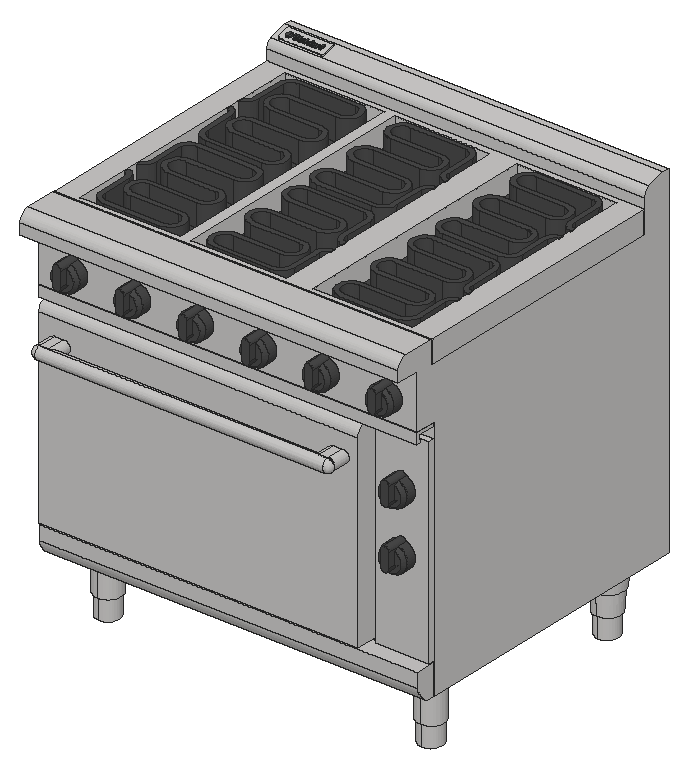
Revit family "QF_MOFFAT WALDORF_RNL8610EC", category Specialty Equipment, Revit 2012
Parameters
  Width = 900 mm
  Weight in Pounds = 198
  Watts = 21000 W
  Volts = 415 V
  URL Cutsheet = "www.moffat.com"
  URL = "www.moffat.com"
  Type Mark [instance] = ""
  Status [instance] = ""
  Specification by User [instance] = ""
  Specification by Manufacturer = ""
  Show Logo [instance] = yes
  Show Clearance [instance] = yes
  Serial Number = ""
  Seismic Rating = ""
  SMACNA No = ""
  Revision Code [instance] = ""
  Plumbing Remarks = ""
  Plumbing Connection Type [instance] = ""
  Phase = 3
  Omniclass Number and Title = ""
  Number of Poles [instance] = 1
  NAFEM Spec ID Number = ""
  Model = "RNL8610EC"
  Min Ckt Ampacity = 0 A
  Max Overcurrent Protection = 0 A
  Masterspec = ""
  Manufacturer = "MOFFAT WALDORF"
  Item Number [instance] = ""
  Installed By [instance] = ""
  Identify Quantity as Lot [instance] = yes
  Height = 970 mm
  HP = ""
  Furnished By [instance] = ""
  Foodservice Equipment Identifier [instance] = yes
  FL Amps = 29.3 A
  Electrical Remarks [instance] = ""
  Electric Connection Type [instance] = ""
  Elec Conn RI Height [instance] = 0 mm
  Elec Conn Connection Height [instance] = 0 mm
  Description = "RANGE LOW SPLASHBACK ELECTRIC WITH CONVECTION OVEN"
  Depth = 805 mm
  Cycle = 50 Hz
  Conn Plug = ""
  Conn Conduit = yes
  Cold Water Temperature Recommended = -459.67 °F
  Cold Water Size = 1/2"
  Cold Water RI Height [instance] = 0 mm
  Cold Water Minimum Pressure = 0.00 psi
  Cold Water Maximum Pressure = 0.00 psi
  Cold Water Flow = 0 GPM
  Cold Water Consumption = ""
  Cold Water Connection Height = 0 mm
  CSI MasterFormat = ""
  CSI Master Format = ""
  Body Finish = QF_Finishes_Stainless Steel
  Apparent Power = 0 VA
Reference planes
  plane 1 "BACK": y = 0
  plane 2: z = 0
  plane 3 "LEFT": x = 0
  plane 4 "RIGHT": x = 900
  plane 5 "FRONT": y = -805
  plane 6 "TOP": z = 970
  plane 7 "Center Y": x = 450
  plane 8 "Center X": y = -402.5
  plane 9: x = 280
  plane 10: y = -574.272
  plane 11: x = 60
  plane 12: y = -304.972
  plane 13: y = -364.972
  plane 14: x = 74
  plane 15: y = -805
  plane 16: x = 834.5
  plane 17: y = -32
  plane 18: z = 655
  plane 19: x = 65.8
Forms (mm)
  Extrusion 1, solid, material "QF_Finishes_Stainless Steel" <- "Body Finish"
    sketch origin (0, 0, 0) x (0, 1, 0) y (0, 0, 1)
      loop
        line (0, 150) -> (0, 970) -> (-16.5, 970) -> (-58.709, 958.69)
        arc (-58.709, 958.69) -> (-66.975, 950.425) -> (-70, 939.134) r 22.582
        line (-70, 939.134) -> (-70, 861.8) -> (-709, 861.8) -> (-709, 915) -> (-781, 915)
        arc (-781, 915) -> (-797.971, 907.971) -> (-805, 891) r 24
        line (-805, 891) -> (-805, 866) -> (-749, 866) -> (-749, 736.219) -> (-696.73, 736.219) -> (-696.73, 150) -> (0, 150)
      loop
        line (-700.93, 150.071) -> (-700.93, 222.5) -> (-746.73, 222.5) -> (-746.73, 188)
        arc (-746.73, 188) -> (-731.317, 159.995) -> (-700.93, 150.071) r 43.526
      loop
        line (-749, 710) -> (-740.224, 710) -> (-742.613, 726.999) -> (-700.93, 726.999) -> (-700.93, 734.003) -> (-749, 734.003) -> (-749, 710)
    from 0 to 900
  Extrusion 2, solid, material "QF_Finishes_Stainless Steel"
    sketch origin (0, 0, 0) x (0, 1, 0) y (0, 0, 1)
      loop
        line (-699, 700) -> (-725, 700)
        arc (-725, 700) -> (-741.971, 692.971) -> (-749, 676) r 24
        line (-749, 676) -> (-749, 227.5) -> (-699, 227.5) -> (-699, 700)
    from 0 to 760
  Extrusion 3, solid, material "QF_Finishes_Stainless Steel"
    sketch origin (723.5, 0, 0) x (0, 1, 0) y (0, 0, 1)
      loop
        line (-699, 700) -> (-714, 700) -> (-714, 227.5) -> (-699, 227.5) -> (-699, 700)
    from 51.5 to 176.5
  Revolve 4, solid, material "QF_Finishes_Stainless Steel" <- "Body Finish"
    sketch origin (834.5, -165, 0) x (0, 1, 0) y (0, 0, -1)
      loop
        line (33.25, -50) -> (31.418, -102.468) -> (26.406, -102.468) -> (22.247, -150) -> (65, -150) -> (65, 0) -> (37.5, 0) -> (37.5, -50) -> (33.25, -50)
      axis (65, -150) -> (65, 0)
    angle from 0 to 360
  Revolve 5, solid, material "QF_Finishes_Stainless Steel" <- "Body Finish"
    sketch origin (834.5, -696.126, 0) x (0, 1, 0) y (0, 0, -1)
      loop
        line (39.376, -150) -> (71.126, -150) -> (71.126, 0) -> (43.626, 0) -> (43.626, -50) -> (39.376, -50) -> (39.376, -150)
      axis (71.126, -150) -> (71.126, 0)
    angle from 0 to 360
  Revolve 6, solid, material "QF_Finishes_Stainless Steel" <- "Body Finish"
    sketch origin (65.5, -165, 0) x (0, 1, 0) y (0, 0, 1)
      loop
        line (31.418, 102.468) -> (33.25, 50) -> (37.5, 50) -> (37.5, 0) -> (65, 0) -> (65, 150) -> (22.247, 150) -> (26.406, 102.468) -> (31.418, 102.468)
      axis (65, 150) -> (65, 0)
    angle from 0 to 360
  Revolve 7, solid, material "QF_Finishes_Stainless Steel" <- "Body Finish"
    sketch origin (65.5, -696.126, 0) x (0, 1, 0) y (0, 0, 1)
      loop
        line (39.376, 150) -> (39.376, 50) -> (43.626, 50) -> (43.626, 0) -> (71.126, 0) -> (71.126, 150) -> (39.376, 150)
      axis (71.126, 150) -> (71.126, 0)
    angle from 0 to 360
  Extrusion 8, solid, material "QF_Finishes_Stainless Steel"
    sketch origin (0, -70, 861.8) x (0, -1, 0) y (1, 0, 0)
      loop
        arc (1, 4) -> (1.879, 1.879) -> (4, 1) r 3
        line (4, 1) -> (631, 1)
        arc (631, 1) -> (633.121, 1.879) -> (634, 4) r 3
        line (634, 4) -> (634, 897)
        arc (634, 897) -> (633.121, 899.121) -> (631, 900) r 3
        line (631, 900) -> (4, 900)
        arc (4, 900) -> (1.879, 899.121) -> (1, 897) r 3
        line (1, 897) -> (1, 4)
      loop
        line (15.284, 54) -> (623.415, 54) -> (623.415, 293.3) -> (15.284, 293.3) -> (15.284, 54)
      loop
        line (15.284, 846) -> (15.284, 606.7) -> (623.415, 606.7) -> (623.415, 846) -> (15.284, 846)
      loop
        line (15.284, 546) -> (15.284, 316.7) -> (623.415, 316.7) -> (623.415, 546) -> (15.284, 546)
    from 0 to 53.2
  Revolve 9, solid, material "QF_Finishes_Black"
    sketch origin (839.351, 38.874, -0.118) x (0, 1, 0) y (0, 0, 1)
      loop
        line (-820.874, 829.5) -> (-831.874, 823.651) -> (-831.874, 797) -> (-787.874, 797) -> (-787.874, 802) -> (-797.874, 802) -> (-797.874, 829.5) -> (-820.874, 829.5)
      axis (-831.874, 797) -> (-787.874, 797)
    angle from 0 to 360
  Revolve 10, solid, material "QF_Finishes_Black"
    sketch origin (689.351, 38.874, -0.118) x (0, 1, 0) y (0, 0, 1)
      loop
        line (-820.874, 829.5) -> (-831.874, 823.651) -> (-831.874, 797) -> (-787.874, 797) -> (-787.874, 802) -> (-797.874, 802) -> (-797.874, 829.5) -> (-820.874, 829.5)
      axis (-831.874, 797) -> (-787.874, 797)
    angle from 0 to 360
  Revolve 11, solid, material "QF_Finishes_Black"
    sketch origin (90.649, 38.874, -0.118) x (0, 1, 0) y (0, 0, -1)
      loop
        line (-820.874, -829.5) -> (-797.874, -829.5) -> (-797.874, -802) -> (-787.874, -802) -> (-787.874, -797) -> (-831.874, -797) -> (-831.874, -823.651) -> (-820.874, -829.5)
      axis (-831.874, -797) -> (-787.874, -797)
    angle from 0 to 360
  Revolve 12, solid, material "QF_Finishes_Black"
    sketch origin (240.649, 38.874, -0.118) x (0, 1, 0) y (0, 0, -1)
      loop
        line (-820.874, -829.5) -> (-797.874, -829.5) -> (-797.874, -802) -> (-787.874, -802) -> (-787.874, -797) -> (-831.874, -797) -> (-831.874, -823.651) -> (-820.874, -829.5)
      axis (-831.874, -797) -> (-787.874, -797)
    angle from 0 to 360
  Revolve 13, solid, material "QF_Finishes_Black"
    sketch origin (390.625, 38.874, -0.118) x (0, 1, 0) y (0, 0, -1)
      loop
        line (-820.874, -829.5) -> (-797.874, -829.5) -> (-797.874, -802) -> (-787.874, -802) -> (-787.874, -797) -> (-831.874, -797) -> (-831.874, -823.651) -> (-820.874, -829.5)
      axis (-831.874, -797) -> (-787.874, -797)
    angle from 0 to 360
  Revolve 14, solid, material "QF_Finishes_Black"
    sketch origin (540.625, 38.874, -0.118) x (0, 1, 0) y (0, 0, -1)
      loop
        line (-820.874, -829.5) -> (-797.874, -829.5) -> (-797.874, -802) -> (-787.874, -802) -> (-787.874, -797) -> (-831.874, -797) -> (-831.874, -823.651) -> (-820.874, -829.5)
      axis (-831.874, -797) -> (-787.874, -797)
    angle from 0 to 360
  Extrusion 15, solid, material "QF_Finishes_Black"
    sketch origin (238.456, 0, -0.118) x (-1, 0, 0) y (0, 0, -1)
      loop
        arc (158.3, -789) -> (148.3, -779) -> (138.3, -789) r 10
        line (138.3, -789) -> (138.3, -824)
        arc (138.3, -824) -> (148.3, -834) -> (158.3, -824) r 10
        line (158.3, -824) -> (158.3, -789)
    from 759 to 808
  Extrusion 16, solid, material "QF_Finishes_Black"
    sketch origin (388.456, 0, -0.118) x (-1, 0, 0) y (0, 0, -1)
      loop
        arc (158.3, -789) -> (148.3, -779) -> (138.3, -789) r 10
        line (138.3, -789) -> (138.3, -824)
        arc (138.3, -824) -> (148.3, -834) -> (158.3, -824) r 10
        line (158.3, -824) -> (158.3, -789)
    from 759 to 808
  Extrusion 17, solid, material "QF_Finishes_Black"
    sketch origin (691.544, 0, -0.118) x (1, 0, 0) y (0, 0, 1)
      loop
        line (158.3, 789) -> (158.3, 824)
        arc (158.3, 824) -> (148.3, 834) -> (138.3, 824) r 10
        line (138.3, 824) -> (138.3, 789)
        arc (138.3, 789) -> (148.3, 779) -> (158.3, 789) r 10
    from 759 to 808
  Extrusion 18, solid, material "QF_Finishes_Black"
    sketch origin (541.544, 0, -0.118) x (1, 0, 0) y (0, 0, 1)
      loop
        line (158.3, 789) -> (158.3, 824)
        arc (158.3, 824) -> (148.3, 834) -> (138.3, 824) r 10
        line (138.3, 824) -> (138.3, 789)
        arc (138.3, 789) -> (148.3, 779) -> (158.3, 789) r 10
    from 759 to 808
  Extrusion 19, solid, material "QF_Finishes_Black"
    sketch origin (538.432, 0, -0.118) x (-1, 0, 0) y (0, 0, -1)
      loop
        arc (158.3, -789) -> (148.3, -779) -> (138.3, -789) r 10
        line (138.3, -789) -> (138.3, -824)
        arc (138.3, -824) -> (148.3, -834) -> (158.3, -824) r 10
        line (158.3, -824) -> (158.3, -789)
    from 759 to 808
  Extrusion 20, solid, material "QF_Finishes_Black"
    sketch origin (688.432, 0, -0.118) x (-1, 0, 0) y (0, 0, -1)
      loop
        arc (158.3, -789) -> (148.3, -779) -> (138.3, -789) r 10
        line (138.3, -789) -> (138.3, -824)
        arc (138.3, -824) -> (148.3, -834) -> (158.3, -824) r 10
        line (158.3, -824) -> (158.3, -789)
    from 759 to 808
  Revolve 21, solid, material "QF_Finishes_Black"
    sketch origin (836.851, 81.496, -216.368) x (0, 1, 0) y (0, 0, 1)
      loop
        line (-820.874, 829.5) -> (-831.874, 823.651) -> (-831.874, 797) -> (-787.874, 797) -> (-787.874, 802) -> (-797.874, 802) -> (-797.874, 829.5) -> (-820.874, 829.5)
      axis (-831.874, 797) -> (-787.874, 797)
    angle from 0 to 360
  Extrusion 22, solid, material "QF_Finishes_Black"
    sketch origin (689.044, 42.621, -216.368) x (1, 0, 0) y (0, 0, 1)
      loop
        line (158.3, 789) -> (158.3, 824)
        arc (158.3, 824) -> (148.3, 834) -> (138.3, 824) r 10
        line (138.3, 824) -> (138.3, 789)
        arc (138.3, 789) -> (148.3, 779) -> (158.3, 789) r 10
    from 759 to 808
  Extrusion 23, solid, material "QF_Finishes_Stainless Steel"
    sketch origin (0, -737.874, 150) x (1, 0, 0) y (0, -1, 0)
      loop
        circle (820, -271.874) r 10
    from 0 to 5
  Extrusion 24, solid, material "QF_Door-Drawer Clearances", visible <- "Show Clearance", detail levels coarse
    sketch origin (0, 0, 0) x (0, -1, 0) y (0, 0, 1)
      loop
        line (749, 697.347) -> (749, 227.5) -> (1218.847, 227.5)
        arc (1218.847, 227.5) -> (1081.232, 559.732) -> (749, 697.347) r 469.847
    from 0 to -760
  Extrusion 25, solid, material "QF_Finishes_Black"
    sketch origin (0, -70, 0) x (0, -1, 0) y (1, 0, 0)
      loop
        arc (20.503, 102.138) -> (29.265, 78.692) -> (52.032, 68.293) r 32.731
        line (52.032, 68.293) -> (123.291, 68.293)
        arc (123.291, 68.293) -> (134.915, 64.189) -> (141.853, 54) r 19.786
        line (141.853, 54) -> (154.156, 54)
        arc (154.156, 54) -> (143.507, 72.673) -> (123.41, 80.3) r 31.79
        line (123.41, 80.3) -> (52.272, 80.3)
        arc (52.272, 80.3) -> (37.925, 87.003) -> (32.5, 101.881) r 20.722
        line (32.5, 101.881) -> (32.5, 234.6)
        arc (32.5, 234.6) -> (54.2, 256.3) -> (75.9, 234.6) r 21.7
        line (75.9, 234.6) -> (75.9, 122)
        arc (75.9, 122) -> (109.6, 88.3) -> (143.3, 122) r 33.7
        line (143.3, 122) -> (143.3, 234.6)
        arc (143.3, 234.6) -> (165, 256.3) -> (186.7, 234.6) r 21.7
        line (186.7, 234.6) -> (186.7, 122)
        arc (186.7, 122) -> (220.4, 88.3) -> (254.1, 122) r 33.7
        line (254.1, 122) -> (254.1, 234.6)
        arc (254.1, 234.6) -> (275.8, 256.3) -> (297.5, 234.6) r 21.7
        line (297.5, 234.6) -> (297.5, 101.881)
        arc (297.5, 101.881) -> (292.075, 87.003) -> (277.728, 80.3) r 20.722
        line (277.728, 80.3) -> (206.584, 80.3)
        arc (206.584, 80.3) -> (186.467, 72.659) -> (175.749, 54) r 31.973
        line (175.749, 54) -> (188.064, 54)
        arc (188.064, 54) -> (195.064, 64.184) -> (206.716, 68.3) r 19.973
        line (206.716, 68.3) -> (277.967, 68.3)
        arc (277.967, 68.3) -> (300.725, 78.682) -> (309.5, 102.106) r 32.722
        line (309.5, 102.106) -> (309.5, 234.6)
        arc (309.5, 234.6) -> (275.8, 268.3) -> (242.1, 234.6) r 33.7
        line (242.1, 234.6) -> (242.1, 122)
        arc (242.1, 122) -> (220.4, 100.3) -> (198.7, 122) r 21.7
        line (198.7, 122) -> (198.7, 234.6)
        arc (198.7, 234.6) -> (165, 268.3) -> (131.3, 234.6) r 33.7
        line (131.3, 234.6) -> (131.3, 122)
        arc (131.3, 122) -> (109.6, 100.3) -> (87.9, 122) r 21.7
        line (87.9, 122) -> (87.9, 234.6)
        arc (87.9, 234.6) -> (54.202, 268.298) -> (20.503, 234.6) r 33.698
        line (20.503, 234.6) -> (20.503, 102.138)
      loop
        arc (325.503, 102.138) -> (334.265, 78.692) -> (357.032, 68.293) r 32.731
        line (357.032, 68.293) -> (428.291, 68.293)
        arc (428.291, 68.293) -> (439.915, 64.189) -> (446.853, 54) r 19.786
        line (446.853, 54) -> (459.156, 54)
        arc (459.156, 54) -> (448.507, 72.673) -> (428.41, 80.3) r 31.79
        line (428.41, 80.3) -> (357.272, 80.3)
        arc (357.272, 80.3) -> (342.925, 87.003) -> (337.5, 101.881) r 20.722
        line (337.5, 101.881) -> (337.5, 234.6)
        arc (337.5, 234.6) -> (359.2, 256.3) -> (380.9, 234.6) r 21.7
        line (380.9, 234.6) -> (380.9, 122)
        arc (380.9, 122) -> (414.6, 88.3) -> (448.3, 122) r 33.7
        line (448.3, 122) -> (448.3, 234.6)
        arc (448.3, 234.6) -> (470, 256.3) -> (491.7, 234.6) r 21.7
        line (491.7, 234.6) -> (491.7, 122)
        arc (491.7, 122) -> (525.4, 88.3) -> (559.1, 122) r 33.7
        line (559.1, 122) -> (559.1, 234.6)
        arc (559.1, 234.6) -> (580.8, 256.3) -> (602.5, 234.6) r 21.7
        line (602.5, 234.6) -> (602.5, 101.881)
        arc (602.5, 101.881) -> (597.075, 87.003) -> (582.728, 80.3) r 20.722
        line (582.728, 80.3) -> (511.584, 80.3)
        arc (511.584, 80.3) -> (491.467, 72.659) -> (480.749, 54) r 31.973
        line (480.749, 54) -> (493.064, 54)
        arc (493.064, 54) -> (500.064, 64.184) -> (511.716, 68.3) r 19.973
        line (511.716, 68.3) -> (582.967, 68.3)
        arc (582.967, 68.3) -> (605.725, 78.682) -> (614.5, 102.106) r 32.722
        line (614.5, 102.106) -> (614.5, 234.6)
        arc (614.5, 234.6) -> (580.8, 268.3) -> (547.1, 234.6) r 33.7
        line (547.1, 234.6) -> (547.1, 122)
        arc (547.1, 122) -> (525.4, 100.3) -> (503.7, 122) r 21.7
        line (503.7, 122) -> (503.7, 234.6)
        arc (503.7, 234.6) -> (470, 268.3) -> (436.3, 234.6) r 33.7
        line (436.3, 234.6) -> (436.3, 122)
        arc (436.3, 122) -> (414.6, 100.3) -> (392.9, 122) r 21.7
        line (392.9, 122) -> (392.9, 234.6)
        arc (392.9, 234.6) -> (359.202, 268.298) -> (325.503, 234.6) r 33.698
        line (325.503, 234.6) -> (325.503, 102.138)
      loop
        line (20.503, 497.862) -> (20.503, 365.4)
        arc (20.503, 365.4) -> (54.202, 331.702) -> (87.9, 365.4) r 33.698
        line (87.9, 365.4) -> (87.9, 478)
        arc (87.9, 478) -> (109.6, 499.7) -> (131.3, 478) r 21.7
        line (131.3, 478) -> (131.3, 365.4)
        arc (131.3, 365.4) -> (165, 331.7) -> (198.7, 365.4) r 33.7
        line (198.7, 365.4) -> (198.7, 478)
        arc (198.7, 478) -> (220.4, 499.7) -> (242.1, 478) r 21.7
        line (242.1, 478) -> (242.1, 365.4)
        arc (242.1, 365.4) -> (275.8, 331.7) -> (309.5, 365.4) r 33.7
        line (309.5, 365.4) -> (309.5, 497.894)
        arc (309.5, 497.894) -> (300.725, 521.318) -> (277.967, 531.7) r 32.722
        line (277.967, 531.7) -> (206.716, 531.7)
        arc (206.716, 531.7) -> (195.064, 535.816) -> (188.064, 546) r 19.973
        line (188.064, 546) -> (175.749, 546)
        arc (175.749, 546) -> (186.467, 527.341) -> (206.584, 519.7) r 31.973
        line (206.584, 519.7) -> (277.728, 519.7)
        arc (277.728, 519.7) -> (292.075, 512.997) -> (297.5, 498.119) r 20.722
        line (297.5, 498.119) -> (297.5, 365.4)
        arc (297.5, 365.4) -> (275.8, 343.7) -> (254.1, 365.4) r 21.7
        line (254.1, 365.4) -> (254.1, 478)
        arc (254.1, 478) -> (220.4, 511.7) -> (186.7, 478) r 33.7
        line (186.7, 478) -> (186.7, 365.4)
        arc (186.7, 365.4) -> (165, 343.7) -> (143.3, 365.4) r 21.7
        line (143.3, 365.4) -> (143.3, 478)
        arc (143.3, 478) -> (109.6, 511.7) -> (75.9, 478) r 33.7
        line (75.9, 478) -> (75.9, 365.4)
        arc (75.9, 365.4) -> (54.2, 343.7) -> (32.5, 365.4) r 21.7
        line (32.5, 365.4) -> (32.5, 498.119)
        arc (32.5, 498.119) -> (37.925, 512.997) -> (52.272, 519.7) r 20.722
        line (52.272, 519.7) -> (123.41, 519.7)
        arc (123.41, 519.7) -> (143.507, 527.327) -> (154.156, 546) r 31.79
        line (154.156, 546) -> (141.853, 546)
        arc (141.853, 546) -> (134.915, 535.811) -> (123.291, 531.707) r 19.786
        line (123.291, 531.707) -> (52.032, 531.707)
        arc (52.032, 531.707) -> (29.265, 521.308) -> (20.503, 497.862) r 32.731
      loop
        line (325.503, 497.862) -> (325.503, 365.4)
        arc (325.503, 365.4) -> (359.202, 331.702) -> (392.9, 365.4) r 33.698
        line (392.9, 365.4) -> (392.9, 478)
        arc (392.9, 478) -> (414.6, 499.7) -> (436.3, 478) r 21.7
        line (436.3, 478) -> (436.3, 365.4)
        arc (436.3, 365.4) -> (470, 331.7) -> (503.7, 365.4) r 33.7
        line (503.7, 365.4) -> (503.7, 478)
        arc (503.7, 478) -> (525.4, 499.7) -> (547.1, 478) r 21.7
        line (547.1, 478) -> (547.1, 365.4)
        arc (547.1, 365.4) -> (580.8, 331.7) -> (614.5, 365.4) r 33.7
        line (614.5, 365.4) -> (614.5, 497.894)
        arc (614.5, 497.894) -> (605.725, 521.318) -> (582.967, 531.7) r 32.722
        line (582.967, 531.7) -> (511.716, 531.7)
        arc (511.716, 531.7) -> (500.064, 535.816) -> (493.064, 546) r 19.973
        line (493.064, 546) -> (480.749, 546)
        arc (480.749, 546) -> (491.467, 527.341) -> (511.584, 519.7) r 31.973
        line (511.584, 519.7) -> (582.728, 519.7)
        arc (582.728, 519.7) -> (597.075, 512.997) -> (602.5, 498.119) r 20.722
        line (602.5, 498.119) -> (602.5, 365.4)
        arc (602.5, 365.4) -> (580.8, 343.7) -> (559.1, 365.4) r 21.7
        line (559.1, 365.4) -> (559.1, 478)
        arc (559.1, 478) -> (525.4, 511.7) -> (491.7, 478) r 33.7
        line (491.7, 478) -> (491.7, 365.4)
        arc (491.7, 365.4) -> (470, 343.7) -> (448.3, 365.4) r 21.7
        line (448.3, 365.4) -> (448.3, 478)
        arc (448.3, 478) -> (414.6, 511.7) -> (380.9, 478) r 33.7
        line (380.9, 478) -> (380.9, 365.4)
        arc (380.9, 365.4) -> (359.2, 343.7) -> (337.5, 365.4) r 21.7
        line (337.5, 365.4) -> (337.5, 498.119)
        arc (337.5, 498.119) -> (342.925, 512.997) -> (357.272, 519.7) r 20.722
        line (357.272, 519.7) -> (428.41, 519.7)
        arc (428.41, 519.7) -> (448.507, 527.327) -> (459.156, 546) r 31.79
        line (459.156, 546) -> (446.853, 546)
        arc (446.853, 546) -> (439.915, 535.811) -> (428.291, 531.707) r 19.786
        line (428.291, 531.707) -> (357.032, 531.707)
        arc (357.032, 531.707) -> (334.265, 521.308) -> (325.503, 497.862) r 32.731
      loop
        line (20.503, 797.862) -> (20.503, 665.4)
        arc (20.503, 665.4) -> (54.202, 631.702) -> (87.9, 665.4) r 33.698
        line (87.9, 665.4) -> (87.9, 778)
        arc (87.9, 778) -> (109.6, 799.7) -> (131.3, 778) r 21.7
        line (131.3, 778) -> (131.3, 665.4)
        arc (131.3, 665.4) -> (165, 631.7) -> (198.7, 665.4) r 33.7
        line (198.7, 665.4) -> (198.7, 778)
        arc (198.7, 778) -> (220.4, 799.7) -> (242.1, 778) r 21.7
        line (242.1, 778) -> (242.1, 665.4)
        arc (242.1, 665.4) -> (275.8, 631.7) -> (309.5, 665.4) r 33.7
        line (309.5, 665.4) -> (309.5, 797.894)
        arc (309.5, 797.894) -> (300.725, 821.318) -> (277.967, 831.7) r 32.722
        line (277.967, 831.7) -> (206.716, 831.7)
        arc (206.716, 831.7) -> (195.064, 835.816) -> (188.064, 846) r 19.973
        line (188.064, 846) -> (175.749, 846)
        arc (175.749, 846) -> (186.467, 827.341) -> (206.584, 819.7) r 31.973
        line (206.584, 819.7) -> (277.728, 819.7)
        arc (277.728, 819.7) -> (292.075, 812.997) -> (297.5, 798.119) r 20.722
        line (297.5, 798.119) -> (297.5, 665.4)
        arc (297.5, 665.4) -> (275.8, 643.7) -> (254.1, 665.4) r 21.7
        line (254.1, 665.4) -> (254.1, 778)
        arc (254.1, 778) -> (220.4, 811.7) -> (186.7, 778) r 33.7
        line (186.7, 778) -> (186.7, 665.4)
        arc (186.7, 665.4) -> (165, 643.7) -> (143.3, 665.4) r 21.7
        line (143.3, 665.4) -> (143.3, 778)
        arc (143.3, 778) -> (109.6, 811.7) -> (75.9, 778) r 33.7
        line (75.9, 778) -> (75.9, 665.4)
        arc (75.9, 665.4) -> (54.2, 643.7) -> (32.5, 665.4) r 21.7
        line (32.5, 665.4) -> (32.5, 798.119)
        arc (32.5, 798.119) -> (37.925, 812.997) -> (52.272, 819.7) r 20.722
        line (52.272, 819.7) -> (123.41, 819.7)
        arc (123.41, 819.7) -> (143.507, 827.327) -> (154.156, 846) r 31.79
        line (154.156, 846) -> (141.853, 846)
        arc (141.853, 846) -> (134.915, 835.811) -> (123.291, 831.707) r 19.786
        line (123.291, 831.707) -> (52.032, 831.707)
        arc (52.032, 831.707) -> (29.265, 821.308) -> (20.503, 797.862) r 32.731
      loop
        line (325.503, 797.862) -> (325.503, 665.4)
        arc (325.503, 665.4) -> (359.202, 631.702) -> (392.9, 665.4) r 33.698
        line (392.9, 665.4) -> (392.9, 778)
        arc (392.9, 778) -> (414.6, 799.7) -> (436.3, 778) r 21.7
        line (436.3, 778) -> (436.3, 665.4)
        arc (436.3, 665.4) -> (470, 631.7) -> (503.7, 665.4) r 33.7
        line (503.7, 665.4) -> (503.7, 778)
        arc (503.7, 778) -> (525.4, 799.7) -> (547.1, 778) r 21.7
        line (547.1, 778) -> (547.1, 665.4)
        arc (547.1, 665.4) -> (580.8, 631.7) -> (614.5, 665.4) r 33.7
        line (614.5, 665.4) -> (614.5, 797.894)
        arc (614.5, 797.894) -> (605.725, 821.318) -> (582.967, 831.7) r 32.722
        line (582.967, 831.7) -> (511.716, 831.7)
        arc (511.716, 831.7) -> (500.064, 835.816) -> (493.064, 846) r 19.973
        line (493.064, 846) -> (480.749, 846)
        arc (480.749, 846) -> (491.467, 827.341) -> (511.584, 819.7) r 31.973
        line (511.584, 819.7) -> (582.728, 819.7)
        arc (582.728, 819.7) -> (597.075, 812.997) -> (602.5, 798.119) r 20.722
        line (602.5, 798.119) -> (602.5, 665.4)
        arc (602.5, 665.4) -> (580.8, 643.7) -> (559.1, 665.4) r 21.7
        line (559.1, 665.4) -> (559.1, 778)
        arc (559.1, 778) -> (525.4, 811.7) -> (491.7, 778) r 33.7
        line (491.7, 778) -> (491.7, 665.4)
        arc (491.7, 665.4) -> (470, 643.7) -> (448.3, 665.4) r 21.7
        line (448.3, 665.4) -> (448.3, 778)
        arc (448.3, 778) -> (414.6, 811.7) -> (380.9, 778) r 33.7
        line (380.9, 778) -> (380.9, 665.4)
        arc (380.9, 665.4) -> (359.2, 643.7) -> (337.5, 665.4) r 21.7
        line (337.5, 665.4) -> (337.5, 798.119)
        arc (337.5, 798.119) -> (342.925, 812.997) -> (357.272, 819.7) r 20.722
        line (357.272, 819.7) -> (428.41, 819.7)
        arc (428.41, 819.7) -> (448.507, 827.327) -> (459.156, 846) r 31.79
        line (459.156, 846) -> (446.853, 846)
        arc (446.853, 846) -> (439.915, 835.811) -> (428.291, 831.707) r 19.786
        line (428.291, 831.707) -> (357.032, 831.707)
        arc (357.032, 831.707) -> (334.265, 821.308) -> (325.503, 797.862) r 32.731
    from 861.8 to 915
  Revolve 26, solid, material "QF_Finishes_Black"
    sketch origin (836.851, 81.496, -356.368) x (0, 1, 0) y (0, 0, 1)
      loop
        line (-820.874, 829.5) -> (-831.874, 823.651) -> (-831.874, 797) -> (-787.874, 797) -> (-787.874, 802) -> (-797.874, 802) -> (-797.874, 829.5) -> (-820.874, 829.5)
      axis (-831.874, 797) -> (-787.874, 797)
    angle from 0 to 360
  Extrusion 27, solid, material "QF_Finishes_Black"
    sketch origin (689.044, 42.621, -356.368) x (1, 0, 0) y (0, 0, 1)
      loop
        line (158.3, 789) -> (158.3, 824)
        arc (158.3, 824) -> (148.3, 834) -> (138.3, 824) r 10
        line (138.3, 824) -> (138.3, 789)
        arc (138.3, 789) -> (148.3, 779) -> (158.3, 789) r 10
    from 759 to 808
  Extrusion 28, solid, material "QF_Finishes_Stainless Steel"
    sketch origin (0, -749, 227.5) x (0, 0, 1) y (-1, 0, 0)
      loop
        line (380.625, -38.246) -> (380.625, -58.528)
        arc (380.625, -58.528) -> (395.625, -73.528) -> (410.625, -58.528) r 15
        line (410.625, -58.528) -> (410.625, -38.246)
        arc (410.625, -38.246) -> (395.625, -23.246) -> (380.625, -38.246) r 15
      loop
        arc (380.625, -723.039) -> (395.625, -738.039) -> (410.625, -723.039) r 15
        line (410.625, -723.039) -> (410.625, -702.757)
        arc (410.625, -702.757) -> (395.625, -687.757) -> (380.625, -702.757) r 15
        line (380.625, -702.757) -> (380.625, -723.039)
    from 0 to 44
  Revolve 29, solid, material "QF_Finishes_Stainless Steel"
    sketch origin (0, -793, 0) x (1, 0, 0) y (0, 0, 1)
      loop
        arc (738.039, 623.125) -> (733.646, 633.732) -> (723.039, 638.125) r 15
        line (723.039, 638.125) -> (38.246, 638.125)
        arc (38.246, 638.125) -> (27.64, 633.732) -> (23.246, 623.125) r 15
        line (23.246, 623.125) -> (738.039, 623.125)
      axis (738.039, 623.125) -> (23.246, 623.125)
    angle from 0 to 360
Lines and regions (mm)
  Split face 1
    outline origin (0, -16.5, 970) x (0, -0.965926, -0.258819) y (1, 0, 0)
      loop
        line (1.962, 129.583) -> (29.558, 129.583) -> (29.558, 149.583) -> (1.962, 149.583) -> (1.962, 129.583)
  Split face 2
    outline origin (0, -16.5, 970) x (0, -0.965926, -0.258819) y (1, 0, 0)
      loop
        line (29.558, 156.5) -> (29.558, 176.5) -> (1.962, 176.5) -> (1.962, 156.5) -> (29.558, 156.5)
  Split face 3
    outline origin (0, -16.5, 970) x (0, -0.965926, -0.258819) y (1, 0, 0)
      loop
        line (29.558, 203.5) -> (1.962, 203.5) -> (1.962, 183.5) -> (29.558, 183.5) -> (29.558, 203.5)
  Split face 4
    outline origin (0, -16.5, 970) x (0, -0.965926, -0.258819) y (1, 0, 0)
      loop
        line (29.558, 230.5) -> (1.962, 230.5) -> (1.962, 210.5) -> (29.558, 210.5) -> (29.558, 230.5)
  Split face 5
    outline origin (0, -16.5, 970) x (0, -0.965926, -0.258819) y (1, 0, 0)
      loop
        line (29.558, 257.5) -> (1.962, 257.5) -> (1.962, 237.5) -> (29.558, 237.5) -> (29.558, 257.5)
  Split face 6
    outline origin (0, -16.5, 970) x (0, -0.965926, -0.258819) y (1, 0, 0)
      loop
        line (29.558, 264.5) -> (29.558, 284.5) -> (1.962, 284.5) -> (1.962, 264.5) -> (29.558, 264.5)
  Split face 7
    outline origin (0, -16.5, 970) x (0, -0.965926, -0.258819) y (1, 0, 0)
      loop
        line (29.558, 311.5) -> (1.962, 311.5) -> (1.962, 291.5) -> (29.558, 291.5) -> (29.558, 311.5)
  Split face 8
    outline origin (0, -16.5, 970) x (0, -0.965926, -0.258819) y (1, 0, 0)
      loop
        line (1.962, 638.5) -> (1.962, 618.5) -> (29.558, 618.5) -> (29.558, 638.5) -> (1.962, 638.5)
  Split face 9
    outline origin (0, -16.5, 970) x (0, -0.965926, -0.258819) y (1, 0, 0)
      loop
        line (1.962, 645.5) -> (29.558, 645.5) -> (29.558, 665.5) -> (1.962, 665.5) -> (1.962, 645.5)
  Split face 10
    outline origin (0, -16.5, 970) x (0, -0.965926, -0.258819) y (1, 0, 0)
      loop
        line (29.558, 672.5) -> (29.558, 692.5) -> (1.962, 692.5) -> (1.962, 672.5) -> (29.558, 672.5)
  Split face 11
    outline origin (0, -16.5, 970) x (0, -0.965926, -0.258819) y (1, 0, 0)
      loop
        line (29.558, 699.5) -> (29.558, 719.5) -> (1.962, 719.5) -> (1.962, 699.5) -> (29.558, 699.5)
  Split face 12
    outline origin (0, -16.5, 970) x (0, -0.965926, -0.258819) y (1, 0, 0)
      loop
        line (29.558, 726.5) -> (29.558, 746.5) -> (1.962, 746.5) -> (1.962, 726.5) -> (29.558, 726.5)
  Split face 13
    outline origin (0, -16.5, 970) x (0, -0.965926, -0.258819) y (1, 0, 0)
      loop
        line (1.962, 753.5) -> (29.558, 753.5) -> (29.558, 773.5) -> (1.962, 773.5) -> (1.962, 753.5)
  Split face 14
    outline origin (29.312, -16.5, 970) x (0, -0.965926, -0.258819) y (1, 0, 0)
      loop
        line (29.558, 311.5) -> (1.962, 311.5) -> (1.962, 291.5) -> (29.558, 291.5) -> (29.558, 311.5)
  Split face 15
    outline origin (58.539, -16.5, 970) x (0, -0.965926, -0.258819) y (1, 0, 0)
      loop
        line (29.558, 311.5) -> (1.962, 311.5) -> (1.962, 291.5) -> (29.558, 291.5) -> (29.558, 311.5)
  Split face 16
    outline origin (85.538, -16.5, 970) x (0, -0.965926, -0.258819) y (1, 0, 0)
      loop
        line (29.558, 311.5) -> (1.962, 311.5) -> (1.962, 291.5) -> (29.558, 291.5) -> (29.558, 311.5)
  Split face 17
    outline origin (111.014, -16.5, 970) x (0, -0.965926, -0.258819) y (1, 0, 0)
      loop
        line (29.558, 311.5) -> (1.962, 311.5) -> (1.962, 291.5) -> (29.558, 291.5) -> (29.558, 311.5)
  Split face 18
    outline origin (137.462, -16.5, 970) x (0, -0.965926, -0.258819) y (1, 0, 0)
      loop
        line (29.558, 311.5) -> (1.962, 311.5) -> (1.962, 291.5) -> (29.558, 291.5) -> (29.558, 311.5)
  Split face 19
    outline origin (163.546, -16.5, 970) x (0, -0.965926, -0.258819) y (1, 0, 0)
      loop
        line (29.558, 311.5) -> (1.962, 311.5) -> (1.962, 291.5) -> (29.558, 291.5) -> (29.558, 311.5)
  Split face 20
    outline origin (189.443, -16.5, 970) x (0, -0.965926, -0.258819) y (1, 0, 0)
      loop
        line (29.558, 311.5) -> (1.962, 311.5) -> (1.962, 291.5) -> (29.558, 291.5) -> (29.558, 311.5)
  Split face 21
    outline origin (215.891, -16.5, 970) x (0, -0.965926, -0.258819) y (1, 0, 0)
      loop
        line (29.558, 311.5) -> (1.962, 311.5) -> (1.962, 291.5) -> (29.558, 291.5) -> (29.558, 311.5)
  Split face 22
    outline origin (246.196, -16.5, 970) x (0, -0.965926, -0.258819) y (1, 0, 0)
      loop
        line (29.558, 311.5) -> (1.962, 311.5) -> (1.962, 291.5) -> (29.558, 291.5) -> (29.558, 311.5)
  Split face 23
    outline origin (274.297, -16.5, 970) x (0, -0.965926, -0.258819) y (1, 0, 0)
      loop
        line (29.558, 311.5) -> (1.962, 311.5) -> (1.962, 291.5) -> (29.558, 291.5) -> (29.558, 311.5)
  Split face 24
    outline origin (299.643, -16.5, 970) x (0, -0.965926, -0.258819) y (1, 0, 0)
      loop
        line (29.558, 311.5) -> (1.962, 311.5) -> (1.962, 291.5) -> (29.558, 291.5) -> (29.558, 311.5)
  symbolic lines
    curve 1: line (0, 0, 0) -> (0, -805, 0)
    curve 2: line (900, 0, 0) -> (0, 0, 0)
    curve 3: line (900, -805, 0) -> (900, 0, 0)
    curve 4: line (0, -70, 0) -> (900, -70, 0)
    curve 5: line (12.5, -51.234, 0) -> (12.5, -20.958, 0)
    curve 6: line (12.5, -20.958, 0) -> (121.5, -20.958, 0)
    curve 7: line (12.5, -51.234, 0) -> (121.5, -51.234, 0)
    curve 8: line (121.5, -20.958, 0) -> (121.5, -51.234, 0)
    curve 9: line (129.583, -22.262, 0) -> (129.583, -50.526, 0)
    curve 10: line (129.583, -50.526, 0) -> (149.583, -50.526, 0)
    curve 11: line (149.583, -50.526, 0) -> (149.583, -22.262, 0)
    curve 12: line (149.583, -22.262, 0) -> (129.583, -22.262, 0)
    curve 13: line (156.5, -22.262, 0) -> (156.5, -50.526, 0)
    curve 14: line (156.5, -50.526, 0) -> (176.5, -50.526, 0)
    curve 15: line (176.5, -50.526, 0) -> (176.5, -22.262, 0)
    curve 16: line (176.5, -22.262, 0) -> (156.5, -22.262, 0)
    curve 17: line (183.5, -22.262, 0) -> (183.5, -50.526, 0)
    curve 18: line (183.5, -50.526, 0) -> (203.5, -50.526, 0)
    curve 19: line (203.5, -50.526, 0) -> (203.5, -22.262, 0)
    curve 20: line (203.5, -22.262, 0) -> (183.5, -22.262, 0)
    curve 21: line (210.5, -22.262, 0) -> (210.5, -50.526, 0)
    curve 22: line (210.5, -50.526, 0) -> (230.5, -50.526, 0)
    curve 23: line (230.5, -50.526, 0) -> (230.5, -22.262, 0)
    curve 24: line (230.5, -22.262, 0) -> (210.5, -22.262, 0)
    curve 25: line (900, -805, 0) -> (0, -805, 0)
    curve 26: line (237.5, -22.262, 0) -> (237.5, -50.526, 0)
    curve 27: line (237.5, -50.526, 0) -> (257.5, -50.526, 0)
    curve 28: line (257.5, -50.526, 0) -> (257.5, -22.262, 0)
    curve 29: line (257.5, -22.262, 0) -> (237.5, -22.262, 0)
    curve 30: line (264.417, -22.262, 0) -> (264.417, -50.526, 0)
    curve 31: line (264.417, -50.526, 0) -> (284.417, -50.526, 0)
    curve 32: line (284.417, -50.526, 0) -> (284.417, -22.262, 0)
    curve 33: line (284.417, -22.262, 0) -> (264.417, -22.262, 0)
    curve 34: line (291.417, -22.262, 0) -> (291.417, -50.526, 0)
    curve 35: line (291.417, -50.526, 0) -> (311.417, -50.526, 0)
    curve 36: line (311.417, -50.526, 0) -> (311.417, -22.262, 0)
    curve 37: line (311.417, -22.262, 0) -> (291.417, -22.262, 0)
    curve 38: line (320.812, -22.262, 0) -> (320.812, -50.526, 0)
    curve 39: line (320.812, -50.526, 0) -> (340.812, -50.526, 0)
    curve 40: line (340.812, -50.526, 0) -> (340.812, -22.262, 0)
    curve 41: line (340.812, -22.262, 0) -> (320.812, -22.262, 0)
    curve 42: line (350.039, -22.262, 0) -> (350.039, -50.526, 0)
    curve 43: line (350.039, -50.526, 0) -> (370.039, -50.526, 0)
    curve 44: line (370.039, -50.526, 0) -> (370.039, -22.262, 0)
    curve 45: line (370.039, -22.262, 0) -> (350.039, -22.262, 0)
    curve 46: line (376.956, -22.262, 0) -> (376.956, -50.526, 0)
    curve 47: line (376.956, -50.526, 0) -> (396.956, -50.526, 0)
    curve 48: line (396.956, -50.526, 0) -> (396.956, -22.262, 0)
    curve 49: line (396.956, -22.262, 0) -> (376.956, -22.262, 0)
    curve 50: line (402.514, -22.262, 0) -> (402.514, -50.526, 0)
    curve 51: line (402.514, -50.526, 0) -> (422.514, -50.526, 0)
    curve 52: line (422.514, -50.526, 0) -> (422.514, -22.262, 0)
    curve 53: line (422.514, -22.262, 0) -> (402.514, -22.262, 0)
    curve 54: line (428.962, -22.262, 0) -> (428.962, -50.526, 0)
    curve 55: line (428.962, -50.526, 0) -> (448.962, -50.526, 0)
    curve 56: line (448.962, -50.526, 0) -> (448.962, -22.262, 0)
    curve 57: line (448.962, -22.262, 0) -> (428.962, -22.262, 0)
    curve 58: line (455.046, -22.262, 0) -> (455.046, -50.526, 0)
    curve 59: line (455.046, -50.526, 0) -> (475.046, -50.526, 0)
    curve 60: line (475.046, -50.526, 0) -> (475.046, -22.262, 0)
    curve 61: line (475.046, -22.262, 0) -> (455.046, -22.262, 0)
    curve 62: line (480.943, -22.262, 0) -> (480.943, -50.526, 0)
    curve 63: line (480.943, -50.526, 0) -> (500.943, -50.526, 0)
    curve 64: line (500.943, -50.526, 0) -> (500.943, -22.262, 0)
    curve 65: line (500.943, -22.262, 0) -> (480.943, -22.262, 0)
    curve 66: line (507.391, -22.262, 0) -> (507.391, -50.526, 0)
    curve 67: line (507.391, -50.526, 0) -> (527.391, -50.526, 0)
    curve 68: line (527.391, -50.526, 0) -> (527.391, -22.262, 0)
    curve 69: line (527.391, -22.262, 0) -> (507.391, -22.262, 0)
    curve 70: line (537.696, -22.262, 0) -> (537.696, -50.526, 0)
    curve 71: line (537.696, -50.526, 0) -> (557.696, -50.526, 0)
    curve 72: line (557.696, -50.526, 0) -> (557.696, -22.262, 0)
    curve 73: line (557.696, -22.262, 0) -> (537.696, -22.262, 0)
    curve 74: line (565.797, -22.262, 0) -> (565.797, -50.526, 0)
    curve 75: line (565.797, -50.526, 0) -> (585.797, -50.526, 0)
    curve 76: line (585.797, -50.526, 0) -> (585.797, -22.262, 0)
    curve 77: line (585.797, -22.262, 0) -> (565.797, -22.262, 0)
    curve 78: line (591.143, -22.262, 0) -> (591.143, -50.526, 0)
    curve 79: line (591.143, -50.526, 0) -> (611.143, -50.526, 0)
    curve 80: line (611.143, -50.526, 0) -> (611.143, -22.262, 0)
    curve 81: line (611.143, -22.262, 0) -> (591.143, -22.262, 0)
    curve 82: line (618.5, -22.262, 0) -> (618.5, -50.526, 0)
    curve 83: line (618.5, -50.526, 0) -> (638.5, -50.526, 0)
    curve 84: line (638.5, -50.526, 0) -> (638.5, -22.262, 0)
    curve 85: line (638.5, -22.262, 0) -> (618.5, -22.262, 0)
    curve 86: line (645.5, -22.262, 0) -> (645.5, -50.526, 0)
    curve 87: line (645.5, -50.526, 0) -> (665.5, -50.526, 0)
    curve 88: line (665.5, -50.526, 0) -> (665.5, -22.262, 0)
    curve 89: line (665.5, -22.262, 0) -> (645.5, -22.262, 0)
    curve 90: line (672.5, -22.262, 0) -> (672.5, -50.526, 0)
    curve 91: line (672.5, -50.526, 0) -> (692.5, -50.526, 0)
    curve 92: line (692.5, -50.526, 0) -> (692.5, -22.262, 0)
    curve 93: line (692.5, -22.262, 0) -> (672.5, -22.262, 0)
    curve 94: line (699.5, -22.262, 0) -> (699.5, -50.526, 0)
    curve 95: line (699.5, -50.526, 0) -> (719.5, -50.526, 0)
    curve 96: line (719.5, -50.526, 0) -> (719.5, -22.262, 0)
    curve 97: line (719.5, -22.262, 0) -> (699.5, -22.262, 0)
    curve 98: line (726.5, -22.262, 0) -> (726.5, -50.526, 0)
    curve 99: line (726.5, -50.526, 0) -> (746.5, -50.526, 0)
    curve 100: line (746.5, -50.526, 0) -> (746.5, -22.262, 0)
    curve 101: line (746.5, -22.262, 0) -> (726.5, -22.262, 0)
    curve 102: line (753.5, -22.262, 0) -> (753.5, -50.526, 0)
    curve 103: line (753.5, -50.526, 0) -> (773.5, -50.526, 0)
    curve 104: line (773.5, -50.526, 0) -> (773.5, -22.262, 0)
    curve 105: line (773.5, -22.262, 0) -> (753.5, -22.262, 0)
    curve 106: line (900, -709, 0) -> (0, -709, 0)
    curve 107: line (0, -705.7, 0) -> (900, -705.7, 0)
    curve 108: line (900, -72.734, 0) -> (0, -72.734, 0)
    curve 109: arc (22.65, -805, 0) -> (34.104, -815.278, 0) -> (48.889, -819.544, 0) r 34.455
    curve 110: line (48.889, -819.544, 0) -> (721.858, -819.544, 0)
    curve 111: arc (721.858, -819.544, 0) -> (736.403, -815.647, 0) -> (747.05, -805, 0) r 29.089
    curve 112: line (606.7, -693.415, 0) -> (606.7, -85.284, 0)
    curve 113: line (846, -693.415, 0) -> (606.7, -693.415, 0)
    curve 114: line (846, -85.284, 0) -> (846, -693.415, 0)
    curve 115: line (606.7, -85.284, 0) -> (846, -85.284, 0)
    curve 116: line (316.7, -85.284, 0) -> (546, -85.284, 0)
    curve 117: line (546, -85.284, 0) -> (546, -693.415, 0)
    curve 118: line (316.7, -693.415, 0) -> (316.7, -85.284, 0)
    curve 119: line (546, -693.415, 0) -> (316.7, -693.415, 0)
    curve 120: line (293.3, -85.284, 0) -> (293.3, -693.415, 0)
    curve 121: line (54, -693.415, 0) -> (54, -85.284, 0)
    curve 122: line (293.3, -693.415, 0) -> (54, -693.415, 0)
    curve 123: line (54, -85.284, 0) -> (293.3, -85.284, 0)
    curve 127: arc (53.137, -219.231, 0) -> (68.859, -210.273, 0) -> (75.3, -193.364, 0) r 26.79
    curve 128: line (75.3, -193.364, 0) -> (75.3, -122.166, 0)
    curve 129: arc (75.3, -122.166, 0) -> (83.54, -104.316, 0) -> (101.981, -97.5, 0) r 25.722
    curve 130: line (101.981, -97.5, 0) -> (234.6, -97.5, 0)
    curve 131: arc (234.6, -97.5, 0) -> (261.3, -124.2, 0) -> (234.6, -150.9, 0) r 26.7
    curve 132: line (234.6, -150.9, 0) -> (122, -150.9, 0)
    curve 133: arc (122, -150.9, 0) -> (93.3, -179.6, 0) -> (122, -208.3, 0) r 28.7
    curve 134: line (122, -208.3, 0) -> (234.6, -208.3, 0)
    curve 135: arc (234.6, -208.3, 0) -> (261.3, -235, 0) -> (234.6, -261.7, 0) r 26.7
    curve 136: line (234.6, -261.7, 0) -> (122, -261.7, 0)
    curve 137: arc (122, -261.7, 0) -> (93.3, -290.4, 0) -> (122, -319.1, 0) r 28.7
    curve 138: line (122, -319.1, 0) -> (234.6, -319.1, 0)
    curve 139: arc (234.6, -319.1, 0) -> (261.3, -345.8, 0) -> (234.6, -372.5, 0) r 26.7
    curve 140: line (234.6, -372.5, 0) -> (101.981, -372.5, 0)
    curve 141: arc (101.981, -372.5, 0) -> (83.54, -365.684, 0) -> (75.3, -347.834, 0) r 25.722
    curve 142: line (75.3, -347.834, 0) -> (75.3, -276.635, 0)
    curve 143: arc (75.3, -276.635, 0) -> (68.84, -259.694, 0) -> (53.114, -250.67, 0) r 26.973
    curve 144: arc (53.137, -524.231, 0) -> (68.859, -515.273, 0) -> (75.3, -498.364, 0) r 26.79
    curve 145: line (75.3, -498.364, 0) -> (75.3, -427.166, 0)
    curve 146: arc (75.3, -427.166, 0) -> (83.54, -409.316, 0) -> (101.981, -402.5, 0) r 25.722
    curve 147: line (101.981, -402.5, 0) -> (234.6, -402.5, 0)
    curve 148: arc (234.6, -402.5, 0) -> (261.3, -429.2, 0) -> (234.6, -455.9, 0) r 26.7
    curve 149: line (234.6, -455.9, 0) -> (122, -455.9, 0)
    curve 150: arc (122, -455.9, 0) -> (93.3, -484.6, 0) -> (122, -513.3, 0) r 28.7
    curve 151: line (122, -513.3, 0) -> (234.6, -513.3, 0)
    curve 152: arc (234.6, -513.3, 0) -> (261.3, -540, 0) -> (234.6, -566.7, 0) r 26.7
    curve 153: line (234.6, -566.7, 0) -> (122, -566.7, 0)
    curve 154: arc (122, -566.7, 0) -> (93.3, -595.4, 0) -> (122, -624.1, 0) r 28.7
    curve 155: line (122, -624.1, 0) -> (234.6, -624.1, 0)
    curve 156: arc (234.6, -624.1, 0) -> (261.3, -650.8, 0) -> (234.6, -677.5, 0) r 26.7
    curve 157: line (234.6, -677.5, 0) -> (101.981, -677.5, 0)
    curve 158: arc (101.981, -677.5, 0) -> (83.54, -670.684, 0) -> (75.3, -652.834, 0) r 25.722
    curve 159: line (75.3, -652.834, 0) -> (75.3, -581.635, 0)
    curve 160: arc (75.3, -581.635, 0) -> (68.84, -564.694, 0) -> (53.114, -555.67, 0) r 26.973
    curve 161: arc (546, -219.231, 0) -> (530.278, -210.273, 0) -> (523.837, -193.364, 0) r 26.79
    curve 162: line (523.837, -193.364, 0) -> (523.837, -122.166, 0)
    curve 163: arc (523.837, -122.166, 0) -> (515.597, -104.316, 0) -> (497.156, -97.5, 0) r 25.722
    curve 164: line (497.156, -97.5, 0) -> (364.537, -97.5, 0)
    curve 165: arc (364.537, -97.5, 0) -> (337.837, -124.2, 0) -> (364.537, -150.9, 0) r 26.7
    curve 166: line (364.537, -150.9, 0) -> (477.137, -150.9, 0)
    curve 167: arc (477.137, -150.9, 0) -> (505.837, -179.6, 0) -> (477.137, -208.3, 0) r 28.7
    curve 168: line (477.137, -208.3, 0) -> (364.537, -208.3, 0)
    curve 169: arc (364.537, -208.3, 0) -> (337.837, -235, 0) -> (364.537, -261.7, 0) r 26.7
    curve 170: line (364.537, -261.7, 0) -> (477.137, -261.7, 0)
    curve 171: arc (477.137, -261.7, 0) -> (505.837, -290.4, 0) -> (477.137, -319.1, 0) r 28.7
    curve 172: line (477.137, -319.1, 0) -> (364.537, -319.1, 0)
    curve 173: arc (364.537, -319.1, 0) -> (337.837, -345.8, 0) -> (364.537, -372.5, 0) r 26.7
    curve 174: line (364.537, -372.5, 0) -> (497.156, -372.5, 0)
    curve 175: arc (497.156, -372.5, 0) -> (515.597, -365.684, 0) -> (523.837, -347.834, 0) r 25.722
    curve 176: line (523.837, -347.834, 0) -> (523.837, -276.635, 0)
    curve 177: arc (523.837, -276.635, 0) -> (530.29, -259.703, 0) -> (546, -250.674, 0) r 26.973
    curve 178: arc (546, -524.231, 0) -> (530.278, -515.273, 0) -> (523.837, -498.364, 0) r 26.79
    curve 179: line (523.837, -498.364, 0) -> (523.837, -427.166, 0)
    curve 180: arc (523.837, -427.166, 0) -> (515.597, -409.316, 0) -> (497.156, -402.5, 0) r 25.722
    curve 181: line (497.156, -402.5, 0) -> (364.537, -402.5, 0)
    curve 182: arc (364.537, -402.5, 0) -> (337.837, -429.2, 0) -> (364.537, -455.9, 0) r 26.7
    curve 183: line (364.537, -455.9, 0) -> (477.137, -455.9, 0)
    curve 184: arc (477.137, -455.9, 0) -> (505.837, -484.6, 0) -> (477.137, -513.3, 0) r 28.7
    curve 185: line (477.137, -513.3, 0) -> (364.537, -513.3, 0)
    curve 186: arc (364.537, -513.3, 0) -> (337.837, -540, 0) -> (364.537, -566.7, 0) r 26.7
    curve 187: line (364.537, -566.7, 0) -> (477.137, -566.7, 0)
    curve 188: arc (477.137, -566.7, 0) -> (505.837, -595.4, 0) -> (477.137, -624.1, 0) r 28.7
    curve 189: line (477.137, -624.1, 0) -> (364.537, -624.1, 0)
    curve 190: arc (364.537, -624.1, 0) -> (337.837, -650.8, 0) -> (364.537, -677.5, 0) r 26.7
    curve 191: line (364.537, -677.5, 0) -> (497.156, -677.5, 0)
    curve 192: arc (497.156, -677.5, 0) -> (515.597, -670.684, 0) -> (523.837, -652.834, 0) r 25.722
    curve 193: line (523.837, -652.834, 0) -> (523.837, -581.635, 0)
    curve 194: arc (523.837, -581.635, 0) -> (530.29, -564.703, 0) -> (546, -555.674, 0) r 26.973
    curve 195: arc (846, -219.231, 0) -> (830.278, -210.273, 0) -> (823.837, -193.364, 0) r 26.79
    curve 196: line (823.837, -193.364, 0) -> (823.837, -122.166, 0)
    curve 197: arc (823.837, -122.166, 0) -> (815.597, -104.316, 0) -> (797.156, -97.5, 0) r 25.722
    curve 198: line (797.156, -97.5, 0) -> (664.537, -97.5, 0)
    curve 199: arc (664.537, -97.5, 0) -> (637.837, -124.2, 0) -> (664.537, -150.9, 0) r 26.7
    curve 200: line (664.537, -150.9, 0) -> (777.137, -150.9, 0)
    curve 201: arc (777.137, -150.9, 0) -> (805.837, -179.6, 0) -> (777.137, -208.3, 0) r 28.7
    curve 202: line (777.137, -208.3, 0) -> (664.537, -208.3, 0)
    curve 203: arc (664.537, -208.3, 0) -> (637.837, -235, 0) -> (664.537, -261.7, 0) r 26.7
    curve 204: line (664.537, -261.7, 0) -> (777.137, -261.7, 0)
    curve 205: arc (777.137, -261.7, 0) -> (805.837, -290.4, 0) -> (777.137, -319.1, 0) r 28.7
    curve 206: line (777.137, -319.1, 0) -> (664.537, -319.1, 0)
    curve 207: arc (664.537, -319.1, 0) -> (637.837, -345.8, 0) -> (664.537, -372.5, 0) r 26.7
    curve 208: line (664.537, -372.5, 0) -> (797.156, -372.5, 0)
    curve 209: arc (797.156, -372.5, 0) -> (815.597, -365.684, 0) -> (823.837, -347.834, 0) r 25.722
    curve 210: line (823.837, -347.834, 0) -> (823.837, -276.635, 0)
    curve 211: arc (823.837, -276.635, 0) -> (830.29, -259.703, 0) -> (846, -250.674, 0) r 26.973
    curve 212: arc (846, -524.231, 0) -> (830.278, -515.273, 0) -> (823.837, -498.364, 0) r 26.79
    curve 213: line (823.837, -498.364, 0) -> (823.837, -427.166, 0)
    curve 214: arc (823.837, -427.166, 0) -> (815.597, -409.316, 0) -> (797.156, -402.5, 0) r 25.722
    curve 215: line (797.156, -402.5, 0) -> (664.537, -402.5, 0)
    curve 216: arc (664.537, -402.5, 0) -> (637.837, -429.2, 0) -> (664.537, -455.9, 0) r 26.7
    curve 217: line (664.537, -455.9, 0) -> (777.137, -455.9, 0)
    curve 218: arc (777.137, -455.9, 0) -> (805.837, -484.6, 0) -> (777.137, -513.3, 0) r 28.7
    curve 219: line (777.137, -513.3, 0) -> (664.537, -513.3, 0)
    curve 220: arc (664.537, -513.3, 0) -> (637.837, -540, 0) -> (664.537, -566.7, 0) r 26.7
    curve 221: line (664.537, -566.7, 0) -> (777.137, -566.7, 0)
    curve 222: arc (777.137, -566.7, 0) -> (805.837, -595.4, 0) -> (777.137, -624.1, 0) r 28.7
    curve 223: line (777.137, -624.1, 0) -> (664.537, -624.1, 0)
    curve 224: arc (664.537, -624.1, 0) -> (637.837, -650.8, 0) -> (664.537, -677.5, 0) r 26.7
    curve 225: line (664.537, -677.5, 0) -> (797.156, -677.5, 0)
    curve 226: arc (797.156, -677.5, 0) -> (815.597, -670.684, 0) -> (823.837, -652.834, 0) r 25.722
    curve 227: line (823.837, -652.834, 0) -> (823.837, -581.635, 0)
    curve 228: arc (823.837, -581.635, 0) -> (830.29, -564.703, 0) -> (846, -555.674, 0) r 26.973
  symbolic lines, style "QF_Door-Drawer Clearances", visible <- "Show Clearance"
    curve 124: line (0, -1218.847, 0) -> (0, -805, 0)
    curve 125: line (0, -1218.847, 0) -> (760, -1218.847, 0)
    curve 126: line (760, -1218.847, 0) -> (760, -805, 0)
Dimensions and locks
  equal spacing: plane 3 "LEFT", plane 7 "Center Y", plane 4 "RIGHT"
  "Width": plane 3 "LEFT" to plane 4 "RIGHT"
  equal spacing: plane 5 "FRONT", plane 8 "Center X", plane 1 "BACK"
  plane 5 "FRONT" to plane 1 "BACK" = 805 mm  (x2)
  equal spacing: plane 4 "RIGHT", plane 7 "Center Y", plane 3 "LEFT"
  plane 4 "RIGHT" to plane 3 "LEFT" = 900 mm
  "Height": plane 6 "TOP" to level
  plane 10 to plane 1 "BACK" = 574.272 mm
  plane 12 to plane 1 "BACK" = 304.972 mm  (x2)
  plane 11 to plane 3 "LEFT" = 60 mm
  plane 14 to plane 3 "LEFT" = 74 mm
  plane 9 to plane 3 "LEFT" = 280 mm
  "Depth": plane 1 "BACK" to plane 15
  plane 15 to plane 5 "FRONT" = 0 mm
  plane 6 "TOP" to plane 2 = 970 mm
  locked: plane 2 to Extrusion 1 sketch curve at 861.8
  locked: plane 2 to Extrusion 1 sketch curve at 915
  Extrusion 8 sketch curve to plane 19 = 64.8 mm
  aligned and locked: level to plane 2
  aligned and locked: curve 3 to plane 4 "RIGHT"
Automatic sketch dimensions
  plane 1 "BACK" to curve 1 = 0 mm
  curve 1 to plane 3 "LEFT" = 0 mm
  plane 5 "FRONT" to curve 109 = 0 mm
  curve 146 to plane 8 "Center X" = 0 mm
  curve 181 to plane 8 "Center X" = 0 mm
  curve 216 to plane 8 "Center X" = 0 mm
  plane 3 "LEFT" to curve 5 = 12.5 mm
  plane 3 "LEFT" to curve 109 = 22.65 mm
  curve 143 to plane 11 = 11.667 mm
  curve 160 to plane 11 = 11.667 mm
  curve 127 to plane 11 = 11.484 mm
  curve 144 to plane 11 = 11.484 mm
  curve 110 to plane 11 = 11.111 mm
  curve 109 to plane 11 = 9.192 mm
  curve 143 to plane 11 = 6.886 mm
  curve 160 to plane 11 = 6.886 mm
  curve 127 to plane 11 = 6.863 mm
  curve 144 to plane 11 = 6.863 mm
  curve 123 to plane 11 = 6 mm
  plane 14 to curve 127 = 1.3 mm
  plane 14 to curve 144 = 1.3 mm
  plane 14 to curve 159 = 1.3 mm
  plane 14 to curve 142 = 1.3 mm
  curve 129 to curve 129 = 25.701 mm
  curve 141 to curve 141 = 25.701 mm
  curve 158 to curve 158 = 25.701 mm
  curve 146 to plane 8 "Center X" = 25.704 mm
  curve 146 to curve 146 = 25.701 mm
  curve 158 to curve 157 = 0.98 mm
  curve 129 to curve 130 = 0.98 mm
  curve 141 to plane 13 = 7.528 mm
  curve 141 to curve 141 = 0.98 mm
  curve 146 to curve 146 = 0.98 mm
  curve 7 to plane 17 = 19.234 mm
  plane 14 to curve 7 = 47.5 mm
  plane 10 to curve 153 = 7.572 mm
  plane 14 to curve 153 = 48 mm
  curve 146 to curve 149 = 20.999 mm
  curve 129 to curve 132 = 20.999 mm
  plane 12 to curve 137 = 14.572 mm
  plane 14 to curve 137 = 48 mm
  curve 6 to curve 9 = 8.083 mm
  plane 17 to curve 11 = 9.738 mm
  curve 9 to curve 11 = 20 mm
  curve 11 to curve 16 = 6.917 mm
  curve 13 to curve 15 = 20 mm
  curve 14 to curve 18 = 7 mm
  curve 17 to curve 19 = 20 mm
  curve 19 to curve 24 = 7 mm
  plane 17 to curve 24 = 9.738 mm
  curve 21 to curve 24 = 20 mm
  curve 149 to plane 9 = 45.4 mm
  curve 130 to plane 9 = 45.4 mm
  curve 134 to plane 9 = 45.4 mm
  curve 138 to plane 12 = 14.128 mm
  curve 138 to plane 9 = 45.4 mm
  curve 156 to plane 9 = 45.4 mm
  curve 151 to plane 9 = 45.4 mm
  curve 23 to curve 26 = 7 mm
  plane 17 to curve 28 = 9.738 mm
  curve 26 to curve 28 = 20 mm
  curve 28 to curve 30 = 6.917 mm
  plane 9 to curve 33 = 4.417 mm
  curve 32 to curve 34 = 7 mm
  plane 9 to curve 120 = 13.3 mm
  curve 34 to curve 36 = 20 mm
  curve 120 to curve 118 = 23.4 mm
  curve 36 to curve 41 = 9.395 mm
  plane 17 to curve 41 = 9.738 mm
  curve 38 to curve 41 = 20 mm
  curve 39 to curve 43 = 9.227 mm
  plane 9 to curve 170 = 84.537 mm
  curve 172 to plane 12 = 14.128 mm
  curve 172 to curve 170 = 0 mm
  curve 118 to curve 190 = 47.837 mm
  curve 166 to curve 168 = 0 mm
  curve 181 to curve 174 = 0 mm  (x2)
  curve 185 to curve 182 = 0 mm
  curve 42 to curve 44 = 20 mm
  curve 43 to curve 46 = 6.917 mm
  plane 17 to curve 49 = 9.738 mm
  curve 46 to curve 49 = 20 mm
  curve 48 to curve 50 = 5.559 mm
  plane 17 to curve 53 = 9.738 mm
  curve 50 to curve 53 = 20 mm
  curve 51 to curve 55 = 6.447 mm
  curve 57 to plane 7 "Center Y" = 1.038 mm
  plane 7 "Center Y" to curve 61 = 5.046 mm
  plane 17 to curve 61 = 9.738 mm
  curve 58 to curve 61 = 20 mm
  plane 7 "Center Y" to curve 171 = 27.137 mm
  plane 7 "Center Y" to curve 183 = 27.137 mm
  plane 7 "Center Y" to curve 167 = 27.137 mm
  plane 7 "Center Y" to curve 189 = 27.137 mm
  curve 60 to curve 62 = 5.897 mm
  plane 7 "Center Y" to curve 163 = 47.156 mm
  curve 174 to plane 13 = 7.528 mm
  plane 7 "Center Y" to curve 174 = 47.156 mm
  plane 7 "Center Y" to curve 191 = 47.156 mm
  curve 164 to curve 163 = 0.98 mm
  curve 191 to curve 192 = 0.98 mm
  plane 13 to curve 175 = 18.176 mm
  curve 175 to curve 175 = 0.98 mm
  curve 180 to curve 180 = 0.98 mm
  curve 62 to curve 63 = 20 mm
  curve 64 to curve 69 = 6.448 mm
  curve 184 to curve 179 = 46.7 mm
  plane 12 to curve 177 = 28.337 mm
  curve 171 to curve 177 = 46.7 mm
  curve 163 to curve 163 = 25.701 mm
  curve 192 to curve 192 = 25.701 mm
  plane 17 to curve 69 = 9.738 mm
  curve 66 to curve 69 = 20 mm
  curve 68 to curve 70 = 10.305 mm
  curve 178 to curve 178 = 22.163 mm
  curve 161 to curve 161 = 4.622 mm
  curve 179 to curve 178 = 26.784 mm
  curve 194 to plane 10 = 7.944 mm
  curve 194 to curve 194 = 26.967 mm
  curve 177 to curve 177 = 4.804 mm
  plane 17 to curve 73 = 9.738 mm
  curve 70 to curve 73 = 20 mm
  curve 72 to curve 74 = 8.101 mm
  plane 17 to curve 77 = 9.738 mm
  curve 74 to curve 77 = 20 mm
  curve 75 to curve 79 = 5.346 mm
  curve 117 to curve 113 = 60.7 mm
  plane 17 to curve 81 = 9.738 mm
  curve 78 to curve 81 = 20 mm
  curve 79 to curve 83 = 7.357 mm
  plane 17 to curve 84 = 9.738 mm
  curve 82 to curve 84 = 20 mm
  curve 84 to curve 89 = 7 mm
  plane 10 to curve 220 = 34.272 mm
  curve 194 to curve 220 = 118.537 mm
  curve 217 to curve 220 = 0 mm
  curve 112 to curve 224 = 57.837 mm
  curve 208 to plane 13 = 7.528 mm
  curve 208 to curve 215 = 0 mm
  curve 204 to curve 206 = 0 mm
  curve 200 to curve 202 = 0 mm
  curve 86 to curve 88 = 20 mm
  curve 88 to curve 90 = 7 mm
  plane 17 to curve 92 = 9.738 mm
  curve 90 to curve 92 = 20 mm
  curve 91 to curve 95 = 7 mm
  plane 17 to curve 97 = 9.738 mm
  curve 94 to curve 97 = 20 mm
  curve 111 to plane 5 "FRONT" = 14.544 mm
  curve 111 to plane 16 = 112.642 mm
